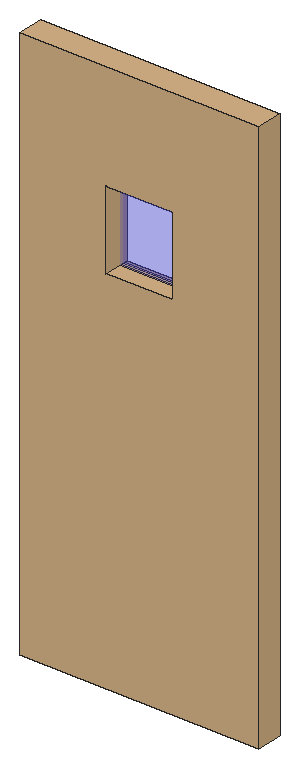
Revit family "0047_M_DR_W_single-cold room_no trim", category 문, Revit 2026
Family settings
  호스트 = 벽
  항상 수직 = 예
  로드될 때 보이드를 사용하여 절단 = 아니오
  공유 = 아니오
  룸 계산 점 = 아니오
Parameters (values of type "36" x 84"")
  두께 = 0' - 4"
  조합 코드 = "C1020"
  기능 = 내부
  Door Material = Door - Panel
  Frame Material = Door - Frame
  Height = 7' - 0"
  벽 마무리 = 호스트별
  Width = 3' - 0"
Types (9): name | 두께 | 조합 코드 | Height | Width
  36" x 84" | 0' - 4" | "C1020" | 7' - 0" | 3' - 0"
  34" x 84" | 0' - 4" | "C1020" | 7' - 0" | 2' - 10"
  32" x 84" | 0' - 4" | "C1020" | 7' - 0" | 2' - 8"
  30" x 84" | 0' - 4" | "C1020" | 7' - 0" | 2' - 6"
  30" x 80" | 0' - 4" | "C1020" | 6' - 8" | 2' - 6"
  36" x 80" | 0' - 4" | "C1020" | 6' - 8" | 3' - 0"
  34" x 80" | 0' - 4" | "C1020" | 6' - 8" | 2' - 10"
  24" x 82" | 0' - 4" | "C1020" | 6' - 10" | 2' - 0"
  0915 x 2134mm | 0' - 3 15/16" | 0' - 0" | 7' - 0 1/64" | 3' - 0 3/128"
Reference planes (in)
  plane 1: y = 0
  plane 2: z = 0
  plane 3: x = 0
  plane 4: x = -18
  plane 5: x = 18
  plane 6: z = 84
  plane 7: x = -5
  plane 8: x = 5
  plane 9: z = 68
  plane 10: z = 56
Forms (in)
  Extrusion 1, solid, material "Door - Panel" <- "Door Material"
    sketch origin (-60, -3, 0) x (1, 0, 0) y (0, 0, 1)
      loop
        line (78, 84) -> (42, 84) -> (42, 0) -> (78, 0) -> (78, 84)
      loop
        line (65, 68) -> (55, 68) -> (55, 56) -> (65, 56) -> (65, 68)
    from -6 to -2
  Extrusion 2, solid, material "Glass"
    sketch origin (-60, -1, 0) x (1, 0, 0) y (0, 0, 1)
      loop
        line (65, 68) -> (55, 68) -> (55, 56) -> (65, 56) -> (65, 68)
    from -3.5 to -3.25
  Extrusion 3, solid, material "Glass"
    sketch origin (-60, -1, 0) x (1, 0, 0) y (0, 0, 1)
      loop
        line (55, 68) -> (55, 56) -> (65, 56) -> (65, 68) -> (55, 68)
    from -2.75 to -2.5
Lines and regions (in)
  Opening 1
    outline origin (-60, -3, 144) x (0, 0, -1) y (1, 0, 0)
      loop
        line (60, 42) -> (144, 42) -> (144, 78) -> (60, 78) -> (60, 42)
  symbolic lines, style "Plan Swing"
    curve 1: arc (18, 39, 0) -> (-7.45584, 28.45584, 0) -> (-18, 3, 0) r 36
  symbolic lines, style "Elevation Swing"
    curve 2: line (-18, -3, 0) -> (18, -3, 42)
    curve 3: line (-18, -3, 84) -> (18, -3, 42)
  symbolic lines, style "DoorsPanelProjection"
    curve 4: line (18, 3, 0) -> (14, 3, 0)
    curve 5: line (18, 3, 0) -> (18, 39, 0)
    curve 6: line (18, 39, 0) -> (14, 39, 0)
    curve 7: line (14, 3, 0) -> (14, 39, 0)
Dimensions and locks (in)
  equal spacing: plane 4, plane 3, plane 5
  "Width": plane 4 to plane 5
  locked: host wall to curve 1
  "Height": plane 6 to plane 2
  equal spacing: plane 6, curve 3, level
  plane 6 to level = 7' - 0"
  locked: plane 10 to host wall at 56
  locked: plane 9 to plane 10 at 12
  equal spacing: plane 7, plane 3, plane 8, locked at 5 each
  Extrusion 1 to Extrusion 2 to Extrusion 2 to Extrusion 3 to Extrusion 3 = 0' - 0 1/2" locked, 0' - 0 1/4" locked, 0' - 0 1/2" locked, 0' - 0 1/4" locked
  "두께": Extrusion 1 to Extrusion 1
  "두께": curve 7 to curve 5
  locked: plane 7 to plane 8 at 10
  aligned and locked: plane 4 to curve 2
  aligned and locked: plane 6 to curve 3
  aligned and locked: plane 5 to Extrusion 1 sketch curve
  aligned and locked: Extrusion 1 sketch curve to plane 6
  aligned and locked: plane 4 to Extrusion 1 sketch curve
  aligned and locked: plane 8 to Extrusion 1 sketch curve
  aligned and locked: Extrusion 1 sketch curve to plane 9
  aligned and locked: plane 10 to Extrusion 1 sketch curve
  aligned and locked: plane 7 to Extrusion 1 sketch curve
  aligned and locked: Extrusion 2 sketch curve to Extrusion 1  (x4)
  aligned and locked: plane 7 to Extrusion 3 sketch curve
  aligned and locked: plane 9 to Extrusion 3 sketch curve
  aligned and locked: Extrusion 3 sketch curve to Extrusion 1  (x2)
  aligned and locked: host wall to Extrusion 1
Automatic sketch dimensions
  Opening 1 sketch curve to plane 6 = 0' - 0"
  Opening 1 sketch curve to level = 0' - 0"
  Opening 1 sketch curve to plane 4 = 0' - 0"
  Opening 1 sketch curve to plane 5 = 0' - 0"
  curve 2 to level = 0' - 0"
  curve 2 to plane 5 = 0' - 0"
  curve 3 to plane 4 = 0' - 0"
  curve 1 to plane 4 = 0' - 0"
  curve 5 to plane 5 = 0' - 0"
  curve 5 to curve 1 = 0' - 0"
